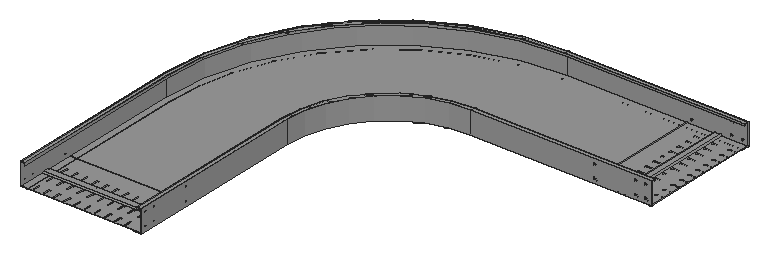
Revit family "Bogen 90 WRB 160 FS", category Generic Models, Revit 2017 (continued)
Dimensions and locks
  locked: plane 282 to Extrusion 89 sketch curve at 4.539
  locked: Extrusion 90 sketch curve to Extrusion 90 sketch curve at 9.039
  locked: Extrusion 90 sketch curve to Extrusion 90 sketch curve at 15
  locked: plane 283 to Extrusion 90 sketch curve at 7.174
  locked: plane 284 to Extrusion 90 sketch curve at 4.539
  locked: Extrusion 91 sketch curve to Extrusion 91 sketch curve at 9.039
  locked: Extrusion 91 sketch curve to Extrusion 91 sketch curve at 15
  locked: plane 285 to Extrusion 91 sketch curve at 7.174
  locked: plane 286 to Extrusion 91 sketch curve at 4.539
  locked: Extrusion 92 sketch curve to Extrusion 92 sketch curve at 9.039
  locked: Extrusion 92 sketch curve to Extrusion 92 sketch curve at 15
  locked: plane 287 to Extrusion 92 sketch curve at 7.174
  locked: plane 288 to Extrusion 92 sketch curve at 4.539
  locked: Extrusion 93 sketch curve to Extrusion 93 sketch curve at 9.039
  locked: Extrusion 93 sketch curve to Extrusion 93 sketch curve at 15
  locked: plane 289 to Extrusion 93 sketch curve at 7.174
  locked: plane 290 to Extrusion 93 sketch curve at 4.539
  locked: Extrusion 94 sketch curve to Extrusion 94 sketch curve at 9.039
  locked: Extrusion 94 sketch curve to Extrusion 94 sketch curve at 15
  locked: plane 291 to Extrusion 94 sketch curve at 7.174
  locked: plane 292 to Extrusion 94 sketch curve at 4.539
  group 49 to group 48 = 200 mm
  group 48 to group 49 = 0 mm  (x2)
  radius of Extrusion 3 sketch curve = 503.5 mm
  radius of Extrusion 3 sketch curve = 1096.5 mm
  aligned and locked: level to plane 2
  aligned and locked: Extrusion 1 sketch curve to plane 4
  aligned and locked: Extrusion 1 sketch curve to plane 5
  aligned and locked: plane 1 "Center (Front/Back)" to Extrusion 1
  aligned and locked: plane 10 to Extrusion 1
  aligned and locked: Extrusion 2 sketch curve to plane 15
  aligned and locked: Extrusion 2 sketch curve to plane 16
  aligned and locked: Extrusion 3 to level
  aligned and locked: plane 21 to Extrusion 1
  aligned and locked: Extrusion 1 to Extrusion 3
  aligned and locked: Extrusion 4 sketch curve to plane 11
  aligned and locked: Extrusion 4 sketch curve to Extrusion 2
  aligned and locked: Extrusion 1 to Extrusion 4
  aligned and locked: Extrusion 4 to Extrusion 1  (x2)
  aligned and locked: Extrusion 4 to plane 12
  aligned and locked: Extrusion 4 to Extrusion 2
  aligned and locked: level to Extrusion 4
  aligned and locked: Extrusion 4 to plane 22
  aligned and locked: plane 12 to Extrusion 5 sketch curve
  aligned and locked: Extrusion 2 to Extrusion 5 sketch curve
  aligned and locked: Extrusion 5 sketch curve to plane 11
  aligned and locked: Extrusion 1 to Extrusion 5 sketch curve
  aligned and locked: Extrusion 5 to Extrusion 4
  aligned and locked: Extrusion 5 to plane 23
  aligned and locked: Extrusion 6 sketch curve to Extrusion 2
  aligned and locked: Extrusion 6 sketch curve to Extrusion 1
  aligned and locked: plane 11 to Extrusion 6 sketch curve
  aligned and locked: Extrusion 6 sketch curve to plane 12
  aligned and locked: Extrusion 6 to plane 24
  aligned and locked: Extrusion 7 sketch curve to Extrusion 6  (x2)
  aligned and locked: Extrusion 2 to Extrusion 7 sketch curve
  aligned and locked: Extrusion 7 sketch curve to plane 11
  aligned and locked: Extrusion 7 sketch curve to plane 12
  aligned and locked: Extrusion 7 to Extrusion 6
  aligned and locked: Extrusion 4 to Extrusion 17
  aligned and locked: Extrusion 2 to Extrusion 17
  aligned and locked: Extrusion 4 to Extrusion 33
  aligned and locked: Extrusion 2 to Extrusion 33
  aligned and locked: Extrusion 4 to Extrusion 12
  aligned and locked: Extrusion 2 to Extrusion 12
  aligned and locked: Extrusion 4 to Extrusion 23
  aligned and locked: Extrusion 2 to Extrusion 23
  aligned and locked: Extrusion 4 to Extrusion 11
  aligned and locked: Extrusion 2 to Extrusion 11
  aligned and locked: Extrusion 4 to Extrusion 22
  aligned and locked: Extrusion 2 to Extrusion 22
  aligned and locked: Extrusion 4 to Extrusion 32
  aligned and locked: Extrusion 2 to Extrusion 32
  aligned and locked: Extrusion 4 to Extrusion 21
  aligned and locked: Extrusion 2 to Extrusion 31
  aligned and locked: Extrusion 4 to Extrusion 10
  aligned and locked: Extrusion 2 to Extrusion 10
  aligned and locked: Extrusion 2 to Extrusion 21
  aligned and locked: Extrusion 4 to Extrusion 9
  aligned and locked: Extrusion 4 to Extrusion 20
  aligned and locked: Extrusion 2 to Extrusion 20
  aligned and locked: Extrusion 4 to Extrusion 30
  aligned and locked: Extrusion 2 to Extrusion 30
  aligned and locked: Extrusion 2 to Extrusion 9
  aligned and locked: Extrusion 4 to Extrusion 8
  aligned and locked: Extrusion 2 to Extrusion 8
  aligned and locked: Extrusion 4 to Extrusion 19
  aligned and locked: Extrusion 2 to Extrusion 19
  aligned and locked: Extrusion 2 to Extrusion 29
  aligned and locked: Extrusion 4 to Extrusion 13
  aligned and locked: Extrusion 2 to Extrusion 13
  aligned and locked: Extrusion 4 to Extrusion 24
  aligned and locked: Extrusion 2 to Extrusion 24
  aligned and locked: Extrusion 4 to Extrusion 34
  aligned and locked: Extrusion 2 to Extrusion 34
  aligned and locked: Extrusion 4 to Extrusion 14
  aligned and locked: Extrusion 2 to Extrusion 14
  aligned and locked: Extrusion 4 to Extrusion 35
  aligned and locked: Extrusion 2 to Extrusion 35
  aligned and locked: Extrusion 4 to Extrusion 25
  aligned and locked: Extrusion 2 to Extrusion 25
  aligned and locked: Extrusion 4 to Extrusion 15
  aligned and locked: Extrusion 4 to Extrusion 36
  aligned and locked: Extrusion 2 to Extrusion 15
  aligned and locked: Extrusion 2 to Extrusion 36
  aligned and locked: Extrusion 4 to Extrusion 26
  aligned and locked: Extrusion 2 to Extrusion 26
  aligned and locked: Extrusion 4 to Extrusion 16
  aligned and locked: Extrusion 2 to Extrusion 16
  aligned and locked: Extrusion 4 to Extrusion 27
  aligned and locked: Extrusion 2 to Extrusion 27
  aligned and locked: Extrusion 4 to Extrusion 37
  aligned and locked: Extrusion 2 to Extrusion 37
  aligned and locked: Extrusion 4 to Extrusion 28
  aligned and locked: Extrusion 2 to Extrusion 28
  aligned and locked: Extrusion 2 to Extrusion 38
  aligned and locked: Extrusion 4 to Extrusion 39
  aligned and locked: Extrusion 5 to Extrusion 76
  aligned and locked: Extrusion 76 to Extrusion 4
  aligned and locked: Extrusion 70 to plane 3 "Center (Left/Right)"
  aligned and locked: Extrusion 5 to Extrusion 70
  aligned and locked: Extrusion 5 to Extrusion 71
  aligned and locked: Extrusion 72 to plane 3 "Center (Left/Right)"
  aligned and locked: Extrusion 5 to Extrusion 72
  aligned and locked: Extrusion 5 to Extrusion 73
  aligned and locked: Extrusion 83 to plane 1 "Center (Front/Back)"
  aligned and locked: Extrusion 5 to Extrusion 83
  aligned and locked: Extrusion 5 to Extrusion 89
  aligned and locked: Extrusion 89 to Extrusion 3
  aligned and locked: Extrusion 3 to Extrusion 74
  aligned and locked: Extrusion 5 to Extrusion 74
  aligned and locked: Extrusion 5 to Extrusion 75
Automatic sketch dimensions
  Extrusion 1 sketch curve to level = 0 mm  (x2)
  Extrusion 1 sketch curve to plane 7 = 0 mm
  Extrusion 1 sketch curve to plane 7 = 3.753 mm
  Extrusion 1 sketch curve to Extrusion 1 sketch curve = 0.866 mm  (x2)
  Extrusion 1 sketch curve to plane 7 = 0.866 mm
  plane 8 to Extrusion 1 sketch curve = 0.866 mm
  plane 8 to Extrusion 1 sketch curve = 2.887 mm
  Extrusion 2 sketch curve to level = 0 mm  (x2)
  Extrusion 2 sketch curve to plane 20 = 0 mm
  Extrusion 2 sketch curve to plane 18 = 0 mm
  Extrusion 2 sketch curve to plane 18 = 3.753 mm
  Extrusion 2 sketch curve to Extrusion 2 sketch curve = 0.866 mm  (x2)
  Extrusion 2 sketch curve to plane 18 = 0.866 mm
  plane 19 to Extrusion 2 sketch curve = 0.866 mm
  plane 19 to Extrusion 2 sketch curve = 2.887 mm
  Extrusion 3 sketch curve to plane 11 = 300 mm
  plane 12 to Extrusion 3 sketch curve = 300 mm
  Extrusion 4 sketch curve to Extrusion 4 sketch curve = 0 mm  (x11)
  Extrusion 4 sketch curve to plane 12 = 0 mm
  Extrusion 4 sketch curve to plane 3 "Center (Left/Right)" = 0 mm
  plane 14 to Extrusion 4 sketch curve = 0 mm
  Extrusion 4 sketch curve to plane 10 = 0 mm
  Extrusion 4 sketch curve to plane 11 = 0 mm
  Extrusion 4 sketch curve to plane 3 "Center (Left/Right)" = 35 mm
  Extrusion 4 sketch curve to Extrusion 4 sketch curve = 523 mm
  Extrusion 4 sketch curve to Extrusion 4 sketch curve = 35 mm  (x2)
  Extrusion 4 sketch curve to Extrusion 4 sketch curve = 503.5 mm
  Extrusion 4 sketch curve to Extrusion 4 sketch curve = 88.948 mm
  plane 1 "Center (Front/Back)" to Extrusion 4 sketch curve = 516.5 mm
  Extrusion 4 sketch curve to plane 10 = 20.011 mm
  Extrusion 4 sketch curve to Extrusion 4 sketch curve = 6.656 mm
  Extrusion 5 sketch curve to Extrusion 5 sketch curve = 0 mm  (x6)
  Extrusion 5 sketch curve to plane 3 "Center (Left/Right)" = 0 mm
  plane 1 "Center (Front/Back)" to Extrusion 5 sketch curve = 0 mm
  Extrusion 5 sketch curve to plane 10 = 0 mm
  Extrusion 5 sketch curve to Extrusion 5 sketch curve = 1.5 mm
  plane 3 "Center (Left/Right)" to Extrusion 5 sketch curve = 1.5 mm
  plane 3 "Center (Left/Right)" to Extrusion 5 sketch curve = 503.5 mm
  Extrusion 6 sketch curve to Extrusion 6 sketch curve = 0 mm  (x8)
  Extrusion 6 sketch curve to plane 3 "Center (Left/Right)" = 0 mm
  plane 1 "Center (Front/Back)" to Extrusion 6 sketch curve = 0 mm
  Extrusion 6 sketch curve to plane 10 = 0 mm
  Extrusion 6 sketch curve to plane 3 "Center (Left/Right)" = 20 mm
  Extrusion 6 sketch curve to Extrusion 6 sketch curve = 554.5 mm
  plane 3 "Center (Left/Right)" to Extrusion 6 sketch curve = 503.5 mm
  Extrusion 6 sketch curve to Extrusion 6 sketch curve = 13 mm
  Extrusion 6 sketch curve to plane 10 = 18.5 mm
  plane 14 to Extrusion 6 sketch curve = 0 mm
  Extrusion 6 sketch curve to Extrusion 6 sketch curve = 14.417 mm
  Extrusion 6 sketch curve to Extrusion 6 sketch curve = 36.915 mm
  Extrusion 6 sketch curve to Extrusion 6 sketch curve = 191.165 mm
  Extrusion 6 sketch curve to Extrusion 6 sketch curve = 8 mm
  Extrusion 7 sketch curve to Extrusion 7 sketch curve = 0 mm  (x7)
  plane 14 to Extrusion 7 sketch curve = 0 mm
  Extrusion 7 sketch curve to Extrusion 7 sketch curve = 1.578 mm
  Extrusion 7 sketch curve to plane 3 "Center (Left/Right)" = 21.5 mm
  Extrusion 7 sketch curve to Extrusion 7 sketch curve = 1.5 mm  (x2)
  Extrusion 7 sketch curve to plane 1 "Center (Front/Back)" = 185.157 mm
  plane 3 "Center (Left/Right)" to Extrusion 7 sketch curve = 502.933 mm
  plane 3 "Center (Left/Right)" to Extrusion 7 sketch curve = 503.165 mm
  Extrusion 7 sketch curve to Extrusion 7 sketch curve = 0.078 mm  (x2)
  Extrusion 7 sketch curve to Extrusion 7 sketch curve = 0.178 mm
  Extrusion 7 sketch curve to Extrusion 7 sketch curve = 13.748 mm
  plane 1 "Center (Front/Back)" to Extrusion 7 sketch curve = 503.285 mm
  Extrusion 7 sketch curve to plane 10 = 20 mm
  plane 255 to Extrusion 76 sketch curve = 7.5 mm
  Extrusion 76 sketch curve to plane 255 = 7.5 mm
  Extrusion 76 sketch curve to plane 256 = 4.5 mm
  plane 256 to Extrusion 76 sketch curve = 4.5 mm
  plane 257 to Extrusion 77 sketch curve = 7.5 mm
  Extrusion 77 sketch curve to plane 257 = 7.5 mm
  Extrusion 77 sketch curve to plane 258 = 4.5 mm
  plane 258 to Extrusion 77 sketch curve = 4.5 mm
  plane 259 to Extrusion 78 sketch curve = 7.5 mm
  Extrusion 78 sketch curve to plane 259 = 7.5 mm
  Extrusion 78 sketch curve to plane 260 = 4.5 mm
  plane 260 to Extrusion 78 sketch curve = 4.5 mm
  plane 261 to Extrusion 79 sketch curve = 7.5 mm
  Extrusion 79 sketch curve to plane 261 = 7.5 mm
  Extrusion 79 sketch curve to plane 262 = 4.5 mm
  plane 262 to Extrusion 79 sketch curve = 4.5 mm
  plane 263 to Extrusion 80 sketch curve = 7.5 mm
  Extrusion 80 sketch curve to plane 263 = 7.5 mm
  Extrusion 80 sketch curve to plane 264 = 4.5 mm
  plane 264 to Extrusion 80 sketch curve = 4.5 mm
  plane 265 to Extrusion 81 sketch curve = 7.5 mm
  Extrusion 81 sketch curve to plane 265 = 7.5 mm
  Extrusion 81 sketch curve to plane 266 = 4.5 mm
  plane 266 to Extrusion 81 sketch curve = 4.5 mm
  plane 267 to Extrusion 82 sketch curve = 7.5 mm
  Extrusion 82 sketch curve to plane 267 = 7.5 mm
  Extrusion 82 sketch curve to plane 268 = 4.5 mm
  plane 268 to Extrusion 82 sketch curve = 4.5 mm
